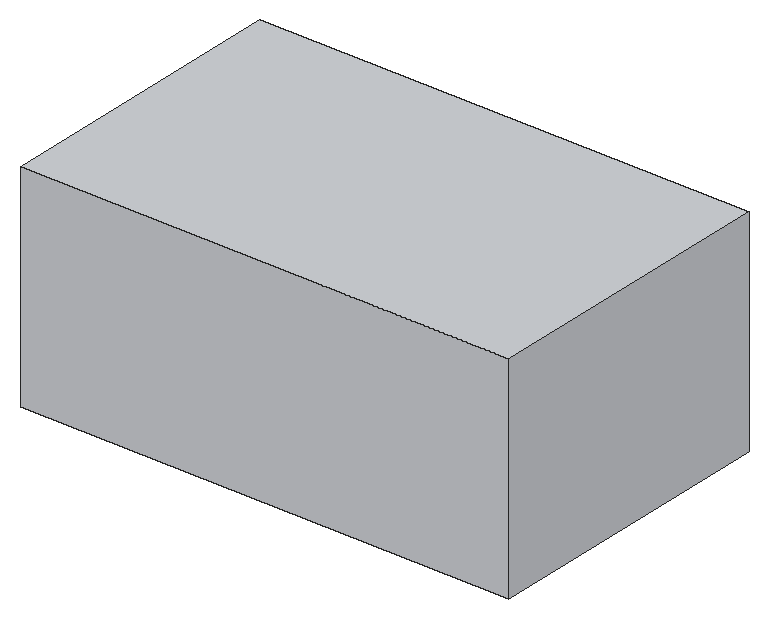
Revit family "M_Caixa universal - Seis tomadas - Alumínio", category Conexões do conduite, Revit 2019
Family settings
  Cota do conector redondo = Usar raio
  Tipo de parte = Múltiplas portas
  Número OmniClass = 23.80.30.17.11
  Título OmniClass = Conduits
  ID de item do Seek = Universal Box - Six Outlets - Aluminum-0000-CAN-ENU
  Com base no plano de trabalho = Não
  Sempre na vertical = Sim
  Corte com vazios quando carregada = Não
  Compartilhado = Não
Parameters (values of type "Caixa de tomada única")
  Largura [instance] = if(not(Diâmetro nominal máximo 123456 > 27 mm), 71 mm, 6 * Diâmetro nominal máximo 123456)  # 71 mm
  Raio nominal 6 [instance] = 8 mm
  Raio nominal 5 [instance] = 8 mm
  Raio nominal 4 [instance] = 8 mm
  Raio nominal 3 [instance] = 8 mm
  Raio nominal 2 [instance] = 8 mm
  Raio nominal 1 [instance] = 8 mm
  Diâmetro nominal 6 [instance] = Raio nominal 6 * 2  # 16 mm
  Diâmetro nominal 5 [instance] = Raio nominal 5 * 2  # 16 mm
  Diâmetro nominal 4 [instance] = Raio nominal 4 * 2  # 16 mm
  Diâmetro nominal 3 [instance] = Raio nominal 3 * 2  # 16 mm
  Diâmetro nominal 2 [instance] = Raio nominal 2 * 2  # 16 mm
  Diâmetro nominal 1 [instance] = Raio nominal 1 * 2  # 16 mm
  Diâmetro nominal máximo 56 [instance] = if(Diâmetro nominal 5 > Diâmetro nominal 6, Diâmetro nominal 5, Diâmetro nominal 6)  # 16 mm
  Diâmetro nominal máximo 34 [instance] = if(Diâmetro nominal 3 > Diâmetro nominal 4, Diâmetro nominal 3, Diâmetro nominal 4)  # 16 mm
  Diâmetro nominal máximo 123456 [instance] = if(Diâmetro nominal máximo 1234 > Diâmetro nominal máximo 56, Diâmetro nominal máximo 1234, Diâmetro nominal máximo 56)  # 16 mm
  Diâmetro nominal máximo 1234 [instance] = if(Diâmetro nominal máximo 12 > Diâmetro nominal máximo 34, Diâmetro nominal máximo 12, Diâmetro nominal máximo 34)  # 16 mm
  Diâmetro nominal máximo 12 [instance] = if(Diâmetro nominal 1 > Diâmetro nominal 2, Diâmetro nominal 1, Diâmetro nominal 2)  # 16 mm
  Comprimento 2 [instance] = if(not(Diâmetro nominal máximo 123456 > 25.4 mm), 38.1 mm, Diâmetro nominal máximo 123456 + 12.7 mm)  # 38.1 mm
  Comprimento 1 [instance] = (Comprimento - Comprimento 2) * 0.5  # 38.95 mm
  Comprimento [instance] = if(not(Diâmetro nominal máximo 123456 > 27 mm), 116 mm, 8 * Diâmetro nominal máximo 123456)  # 116 mm
  Altura [instance] = if(not(Diâmetro nominal máximo 123456 > 27 mm), 51 mm, if(Diâmetro nominal máximo 123456 < 155 mm, 155 mm, Diâmetro nominal máximo 123456 * 1.2))  # 51 mm
Reference planes
  plane 1 "Centro (Frente/Trás)": y = 0
  plane 2: z = 0
  plane 3 "Centro (Esquerda/Direita)": x = 0
  plane 4: y = 35.5
  plane 5: y = -35.5
  plane 6: x = 116
  plane 7: z = -25.5
  plane 8: z = 25.5
  plane 9: x = 77.05
  plane 10: x = 38.95
Forms (mm)
  Extrusion 1, solid
    sketch origin (0, 0, 0) x (1, 0, 0) y (0, 1, 0)
      loop
        line (0, 35.5) -> (0, -35.5) -> (116, -35.5) -> (116, 35.5) -> (0, 35.5)
    from -25.5 to 25.5
  Extrusion 2, solid
    sketch origin (0, 0, 0) x (1, 0, 0) y (0, 0, 1)
      loop
        circle (38.95, 0) r 8
      loop
        circle (77.05, 0) r 8
    from -35.5 to -16.171
Cuts and joins
  joined: Extrusion 1, Extrusion 2
Dimensions and locks
  equal spacing: plane 4, plane 1 "Centro (Frente/Trás)", plane 5
  "Largura": plane 4 to plane 5
  equal spacing: plane 8, plane 2, plane 7
  locked: level to plane 2
  "Altura": plane 8 to plane 7
  "Comprimento": plane 3 "Centro (Esquerda/Direita)" to plane 6
  "Comprimento 1": plane 3 "Centro (Esquerda/Direita)" to plane 10
  "Comprimento 2": plane 10 to plane 9
  "Raio nominal 1": radius of Extrusion 2 sketch curve  (x2)
  aligned and locked: Extrusion 1 sketch curve to plane 4
  aligned and locked: plane 5 to Extrusion 1 sketch curve
  aligned and locked: Extrusion 1 sketch curve to plane 6
  aligned: Extrusion 1 to plane 2
  aligned and locked: Extrusion 1 to plane 7
  aligned and locked: plane 8 to Extrusion 1
  aligned and locked: Extrusion 1 to plane 3 "Centro (Esquerda/Direita)"
  aligned and locked: plane 2 to Extrusion 2 sketch curve  (x2)
  aligned and locked: plane 9 to Extrusion 2 sketch curve
  aligned and locked: plane 10 to Extrusion 2 sketch curve
  aligned and locked: plane 4 to Extrusion 2
Automatic sketch dimensions
  plane 3 "Centro (Esquerda/Direita)" to Extrusion 1 sketch curve = 0 mm
Connectors
  cabletrayconduit at (0, 0, 0), diameter 16, driven by "Raio nominal 1"
    settings: on Extrusion 1, index 1, connector width 304.8 mm, connector height 304.8 mm, connector angle 0.00°, system type 32, placement type 0, profile type 0, connector reference index 2, is primary connector yes, connector utility param no, connector description ""
  cabletrayconduit at (116, 0, 0), diameter 16, driven by "Raio nominal 2"
    settings: on Extrusion 1, index 2, connector width 304.8 mm, connector height 304.8 mm, connector angle 0.00°, system type 32, placement type 0, profile type 0, connector reference index 1, is primary connector no, connector utility param no, connector description ""
  cabletrayconduit at (58, -35.5, 0), diameter 16, driven by "Raio nominal 3"
    settings: on Extrusion 1, index 3, connector width 304.8 mm, connector height 304.8 mm, connector angle 0.00°, system type 32, placement type 0, profile type 0, connector reference index -1, is primary connector no, connector utility param no, connector description ""
  cabletrayconduit at (38.95, 35.5, 0), diameter 16, driven by "Raio nominal 4"
    settings: on Extrusion 2, index 4, connector width 304.8 mm, connector height 304.8 mm, connector angle 0.00°, system type 32, placement type 0, profile type 0, connector reference index -1, is primary connector no, connector utility param no, connector description ""
  cabletrayconduit at (77.05, 35.5, 0), diameter 16, driven by "Raio nominal 5"
    settings: on Extrusion 2, index 5, connector width 304.8 mm, connector height 304.8 mm, connector angle 0.00°, system type 32, placement type 0, profile type 0, connector reference index -1, is primary connector no, connector utility param no, connector description ""
  cabletrayconduit at (58, 0, -25.5), diameter 16, driven by "Raio nominal 6"
    settings: on Extrusion 1, index 6, connector width 304.8 mm, connector height 304.8 mm, connector angle 0.00°, system type 32, placement type 0, profile type 0, connector reference index -1, is primary connector no, connector utility param no, connector description ""
